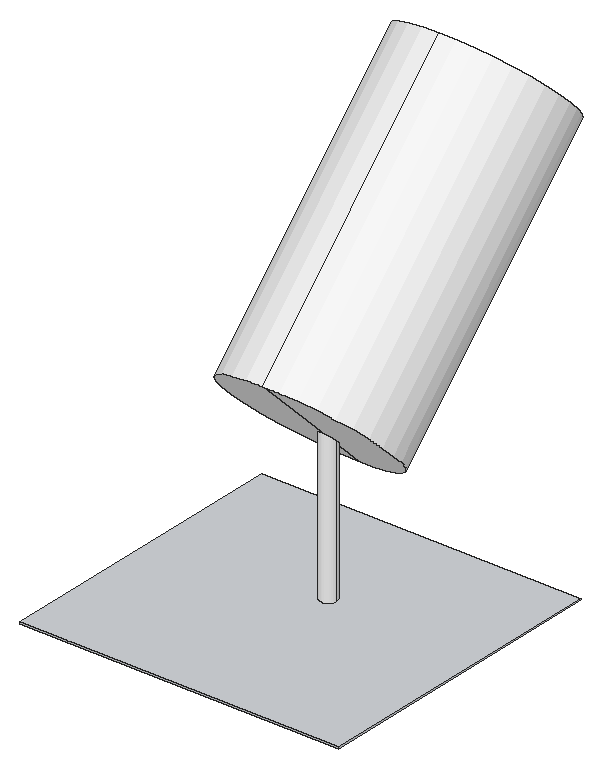
Revit family
Parameters
  Width = 14 1/4"
  Wattage Comments = ""
  Track Voltage = "Load Type Catalog"
  Revision Date = ""
  Reflector Detail = "Load Type Catalog"
  Product Documentation Link = "http://www.lightingservicesinc.com/files/pdf/207usa.pdf"
  Photometric Web File = "Load Type Catalog"
  Lumens/CRI/Wattage = "Load Type Catalog"
  Length = 14 1/4"
  Lamp = "LED"
  IES File Link = "http://www.lightingservicesinc.com/files/photometrics/LumeLEX%202000%20Series.zip"
  Height = 11 1/8"
  Finish = "Load Type Catalog"
  Color = Metal - LSI - Aluminum (Silver)
  Coiled Cord = "Load Type Catalog"
  Angle [instance] = 45.00°
  Wattage = 26 W
  built-in parameter 1150110 = 1 (stored number, unit not read)
  URL = "http://www.lightingservicesinc.com/"
  built-in parameter 1114217 = 1 (stored number, unit not read)
  Tilt Angle = 90.00°
  built-in parameter 1150109 = 1 (stored number, unit not read)
  built-in parameter 1150134 = 3
  built-in parameter 1150113 = 1 (stored number, unit not read)
  Product Page URL = "http://www.lightingservicesinc.com/product.asp?productID=207"
  OmniClass Title = "Non Weather Rated Light Emitting Diode Lighting Fixtures"
  OmniClass Number = "23.35.47.11.11.19"
  Model = "Load Type Catalog"
  Manufacturer = "Lighting Services Inc"
  built-in parameter 1150105 = 1156.3 (stored number, unit not read)
  Lumens = 780 lm
  built-in parameter 1150115 = 1 (stored number, unit not read)
  built-in parameter 1150137 = (empty or 0)
  built-in parameter 1150139 = (empty or 0)
  built-in parameter 1150112 = 1 (stored number, unit not read)
  built-in parameter 1150114 = 1 (stored number, unit not read)
  Keynote = "26 51 00"
  built-in parameter 1150132 = (empty or 0)
  built-in parameter 1150102 = (empty or 0)
  built-in parameter 1150107 = 3200 (stored number, unit not read)
  built-in parameter 1150138 = (empty or 0)
  built-in parameter 1150106 = 11.563 (stored number, unit not read)
  Emit from Circle Diameter = 2 87/128"
  Emit Shape Visible in Rendering = no
  built-in parameter 1150104 = 2.7871 (stored number, unit not read)
  Dimming Lamp Color Temperature Shift = (empty or 0)
  Description = "Spot Light"
  Default Elevation = 2"
  Color Filter = 16777215
  built-in parameter 1114218 = 1 (stored number, unit not read)
  built-in parameter 1150133 = 10 (stored number, unit not read)
  Assembly Code = "D5020200"
  Apparent Load = 0 VA
Reference planes (in)
  plane 1 "Center (Front/Back)": y = 0
  plane 2: z = 0
  plane 3 "Center (Left/Right)": x = 0
  plane 4: z = 4.78125
  plane 5 "Lamp": x = 0
  plane 6 "Tilt Angle": through (0, 0, 4.78125) normal (0, -0.7071, 0.7071)
Forms (in)
  Extrusion 1, solid
    sketch origin (0, 0, 0) x (1, 0, 0) y (0, 1, 0)
      loop
        line (-4.16369, 3.10017) -> (-4.16369, -4.58444) -> (3.93103, -4.58444) -> (3.93103, 3.10017) -> (-4.16369, 3.10017)
    from 0 to -0.03652
  Extrusion 2, solid, material "Metal - LSI - Aluminum (Silver)" <- "Color"
    sketch origin (0, 0, 0) x (1, 0, 0) y (0, 1, 0)
      loop
        circle (0, 0) r 0.21875
    from 0 to 4.78125
  Revolve 3, solid, material "Metal - LSI - Aluminum (Silver)" <- "Color"
    sketch origin (0, 0, 0.78125) x (0, 1, 0) y (0, 0, 1)
      loop
        line (-0.57023, 3.42977) -> (3.43159, 7.43159) -> (3.12387, 7.73932) -> (3.72926, 9.62488) -> (3.51804, 9.8361) -> (3.86806, 10.18612) -> (3.52286, 10.53132) -> (-2.07446, 4.934) -> (-0.57023, 3.42977)
      axis (-0.57023, 3.42977) -> (5.02709, 9.02709)
    angle from 0 to 360
Lines and regions (in)
  Masking region 1
    outline origin (0, 0, 0) x (1, 0, 0) y (0, 1, 0)
      loop
        line (-1.28125, 4.5) -> (-1.28125, -0.5) -> (1.28125, -0.5) -> (1.28125, 4.5) -> (-1.28125, 4.5)
  symbolic lines
    curve 1: circle (0, 0, 0) r 0.37955 normal (0, 0, 1)
  reference lines
    curve 2: circle (0, 0, 0) r 7.75 normal (0, 0, 1)
Dimensions and locks (in)
  imposter light to plane 5 "Lamp" = 0"
  plane 4 to Extrusion 1 = 4 25/32"
  locked: imposter light to plane 6 "Tilt Angle" at 7.10938
  locked: plane 1 "Center (Front/Back)" to Extrusion 2 sketch curve at 0.21875
  locked: Extrusion 2 sketch curve to plane 5 "Lamp" at 0.21875
  Revolve 3 sketch curve to Revolve 3 sketch curve to Revolve 3 sketch curve to Revolve 3 sketch curve = 5.65943" locked, 1.76137" locked, 0.495" locked
  Revolve 3 sketch curve to Revolve 3 sketch curve to Revolve 3 sketch curve to Revolve 3 sketch curve to Revolve 3 sketch curve = 0.48819" locked, 0.29871" locked, 0.90521" locked, 0.43519" locked
  "Angle": angle plane 4 to plane 6 "Tilt Angle"
  "Angle": angle imposter light to plane 4
  aligned and locked: plane 2 to Extrusion 1
  aligned and locked: level to Extrusion 1
  aligned and locked: imposter light to plane 6 "Tilt Angle"
  aligned and locked: Revolve 3 sketch curve to imposter light  (x2)
  aligned and locked: plane 4 to Extrusion 2
Automatic sketch dimensions
  Extrusion 1 sketch curve to Extrusion 1 sketch curve = 8.09472"
  Extrusion 1 sketch curve to Extrusion 1 sketch curve = 7.68461"
  Extrusion 2 sketch curve to plane 3 "Center (Left/Right)" = 0"
  plane 1 "Center (Front/Back)" to Masking region 1 sketch curve = 1/2"
  Masking region 1 sketch curve to plane 3 "Center (Left/Right)" = 1 9/32"
  plane 3 "Center (Left/Right)" to Masking region 1 sketch curve = 1 9/32"
  Masking region 1 sketch curve to Masking region 1 sketch curve = 5"
  curve 1 to plane 1 "Center (Front/Back)" = 0"
  curve 1 to plane 3 "Center (Left/Right)" = 0"
  Revolve 3 sketch curve to plane 6 "Tilt Angle" = 0"
  Revolve 3 sketch curve to level = 2.19166"
  Revolve 3 sketch curve to plane 1 "Center (Front/Back)" = 17.02709"
  curve 2 to plane 1 "Center (Front/Back)" = 0"
  curve 2 to plane 3 "Center (Left/Right)" = 0"
  radius of curve 1 = 0.37955"
  radius of curve 2 = 7 3/4"
